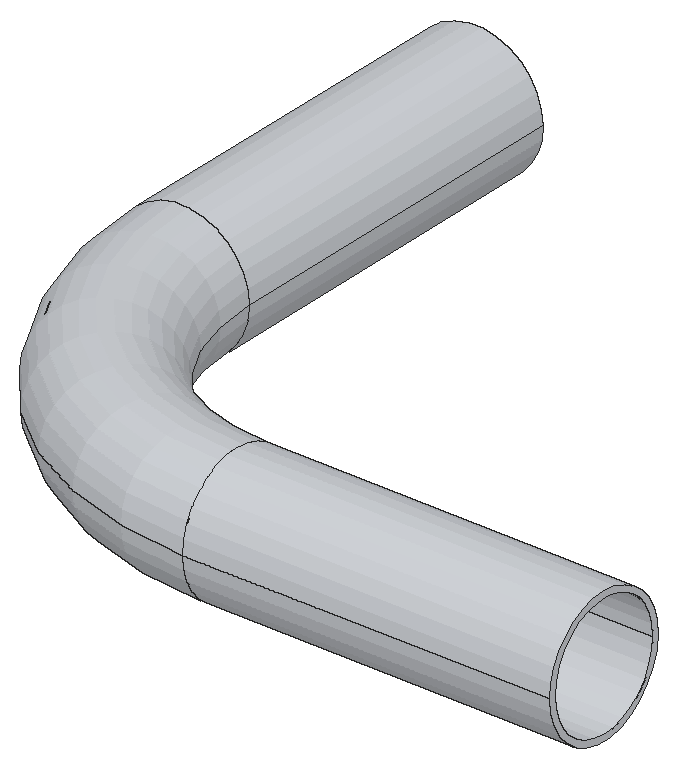
Revit family "SB1G", category Generic Models, Revit 2017
Family settings
  Can host rebar = No
  Round Connector Dimension = Use Diameter
  Part Type = Normal
  Work Plane-Based = Yes
  Always vertical = No
  Cut with Voids When Loaded = No
  Shared = No
  Room Calculation Point = No
Parameters (values of type "NBS Standard Parameters")
  Weight = "0.286Kg"
  WarrantyStartDate [instance] = "1900-12-31T23:59:59"
  WarrantyGuarantorParts = "n/a"
  WarrantyGuarantorLabor = "n/a"
  WarrantyDurationUnit = "1 year"
  WarrantyDurationParts = "n/a"
  WarrantyDurationLabor = "n/a"
  WarrantyDescription = "n/a"
  Version = "1"
  Uniclass2 = "Pr_65_70_11_20"
  TagNumber [instance] = "n/a"
  SustainabilityPerformance = "n/a"
  Size = "20mm"
  Shape = "n/a"
  SerialNumber [instance] = "n/a"
  Revision = "n/a"
  ReplacementCost = "n/a"
  ProductInformation = "www.metpro.co.uk/pdf/sb1g.pdf"
  NominalWidth = 105 mm
  NominalLength = 105 mm
  NominalHeight = 24 mm
  Name = ""
  NBSTypeID = ""
  NBSReference = "90-55-10/460"
  NBSOfficeMasterTag = ""
  NBSNote = ""
  NBSDescription = "Conduit Fittings"
  NBSCertification = ""
  ModelReference = "SB1G"
  ModelNumber = "n/a"
  Material = "Steel"
  ManufacturerURL = "www.metpro.co.uk"
  ManufacturerName = "Metpro Ltd"
  InstallationDate [instance] = "1900-12-31T23:59:59"
  IfcExportType = ""
  IfcExportAs = ""
  Grade = "n/a"
  Finish = "Galvanised"
  Features = "n/a"
  ExpectedLife = "n/a"
  DurationUnit = "year"
  Description = "SB1G - 20mm Conduit Solid Bend"
  Default Elevation = 1219.2 mm
  Constituents = "n/a"
  Color = "n/a"
  CodePerformance = "n/a"
  Category = "n/a"
  BarCode [instance] = "n/a"
  BIMObjectName = "Metpro_metprolibrary_conduitfittings_metalcomponent_steelaccessories"
  Author = "Metpro Ltd"
  AssetType = ""
  AssetIdentifier [instance] = "n/a"
  AccessibilityPerformance = "n/a"
Reference planes
  plane 1 "Center (Front/Back)": y = 0
  plane 2: z = 0
  plane 3 "Center (Left/Right)": x = 0
Forms (mm)
  Sweep 1, solid
    path origin (10.708, -21.175, -13.987) x (1, 0, 0) y (0, 1, 0)
      loop
        line (-10.708, 71.987) -> (-10.708, 11.987)
        arc (-10.708, 11.987) -> (2.473, -19.833) -> (34.292, -33.013) r 45
        line (34.292, -33.013) -> (94.292, -33.013)
    profile origin (0, 20.812, -13.987) x (1, 0, 0) y (0, 0, 1)
      loop
        circle (0, 0) r 10
      loop
        circle (0, 0) r 11
Dimensions and locks
  aligned and locked: level to plane 2
